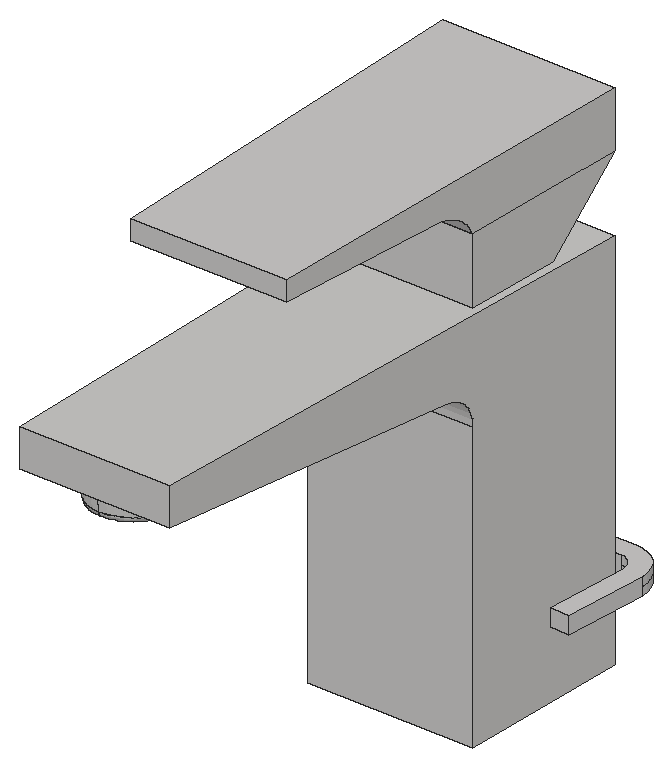
Revit family "SB-2401", category Plumbing Fixtures, Revit 2023
Family settings
  Round Connector Dimension = Use Diameter
  Part Type = Normal
  OmniClass Number = 23.45.00.00
  OmniClass Title = Sanitary, Laundry, and Cleaning Equipment
  Work Plane-Based = No
  Enable Cutting in Views = No
  Always vertical = Yes
  Cut with Voids When Loaded = No
  Maintain Annotation Orientation = No
  Shared = No
  Room Calculation Point = No
Parameters (values of type "2402")
  Default Elevation = 0' - 0"
Types (3): name
  (no name)
  2401
  2402
Reference planes (in)
  plane 1 "Center (Front/Back)": y = 0
  plane 2: z = 0
  plane 3 "Center (Left/Right)": x = 0
  plane 4: x = -0.875
  plane 5: x = 0.875
  plane 6: y = 0.875
  plane 7: y = -0.875
  plane 8: z = 3.125
  plane 9: z = 5.25
  plane 10: z = 4
Forms (in)
  Sweep 1, solid, material "Metal Finish silver"
    path origin (0, 0, 0) x (1, 0, 0) y (0, 1, 0)
      loop
        arc (0, 0.875) -> (0.07211, 1.04909) -> (0.2462, 1.1212) r 0.2462
        line (0.2462, 1.1212) -> (0.80092, 1.1212)
        arc (0.80092, 1.1212) -> (0.97501, 1.04909) -> (1.04712, 0.875) r 0.2462
        line (1.04712, 0.875) -> (0.98719, 0.01794)
    profile origin (0.52356, 1.1212, 0) x (0, 1, 0) y (0, 0, 1)
      loop
        line (0.11308, 0.81195) -> (0.11308, 0.90404) -> (-0.08084, 0.90404) -> (-0.08084, 0.81195) -> (-0.08084, 0.73048) -> (0.11308, 0.73048) -> (0.11308, 0.81195)
  Extrusion 2, solid, material "Metal Finish silver"
    sketch origin (0, 0, 0) x (0, 1, 0) y (0, 0, 1)
      loop
        line (0.875, 0) -> (0.875, 3.904) -> (-4.625, 4) -> (-4.625, 3.62369) -> (-1.22646, 3.26649)
        arc (-1.22646, 3.26649) -> (-0.97794, 3.16355) -> (-0.875, 2.91503) r 0.35146
        line (-0.875, 2.91503) -> (-0.875, 0) -> (0.875, 0)
    from -0.875 to 0.875
  Extrusion 3, void
    sketch origin (0, 0, 0) x (1, 0, 0) y (0, 1, 0)
      loop
        line (-0.875, 0.875) -> (-0.875, -4.625) -> (-0.76166, -4.625) -> (-0.875, 0.875)
      loop
        line (0.875, 0.875) -> (0.76037, -4.6875) -> (0.875, -4.6875) -> (0.875, 0.875)
    from 0 to 4
  Revolve 4, solid, material "Metal Finish silver"
    sketch origin (0, 0, 0) x (0, 1, 0) y (0, 0, 1)
      loop
        arc (0, 4.53823) -> (-0.47104, 4.35395) -> (-0.70321, 3.90458) r 0.71697
        line (-0.70321, 3.90458) -> (0, 3.90458) -> (0, 4.53823)
      axis (0, 3.90458) -> (0, 4.53823)
    angle from 0 to 360
  Extrusion 5, solid, material "Metal Finish silver"
    sketch origin (0, 0, 0) x (0, 1, 0) y (0, 0, 1)
      loop
        line (0.875, 4.67617) -> (0.875, 5.25) -> (-3.1875, 5.25) -> (-3.1875, 5.05413) -> (-1.27482, 4.95389)
        arc (-1.27482, 4.95389) -> (-1.03835, 4.86828) -> (-0.87604, 4.67617) r 0.48734
        line (-0.87604, 4.67617) -> (0.875, 4.67617)
    from -0.875 to 0.875
  Extrusion 6, void
    sketch origin (0, 0, 0) x (1, 0, 0) y (0, 1, 0)
      loop
        line (-0.875, 0.875) -> (-0.875, -3.1875) -> (-0.79128, -3.1875) -> (-0.875, 0.875)
      loop
        line (0.875, 0.875) -> (0.79128, -3.1875) -> (0.875, -3.1875) -> (0.875, 0.875)
    from 4.67617 to 5.36034
  Revolve 7, solid, material "Metal Finish silver"
    sketch origin (0, 0, 0.17576) x (0, 1, 0) y (0, 0, 1)
      loop
        line (-4.60852, 3.62196) -> (-4.57469, 3.30012)
        arc (-4.57469, 3.30012) -> (-4.557, 3.25741) -> (-4.5143, 3.23973) r 0.06039
        line (-4.5143, 3.23973) -> (-4.42874, 3.22309) -> (-4.42874, 3.18897) -> (-4.23192, 3.14353) -> (-4.1863, 3.57758) -> (-4.60852, 3.62196)
      axis (-4.1863, 3.57758) -> (-4.23192, 3.14353)
    angle from 0 to 360
  Blend 8, solid, material "Metal Finish silver"
    base sketch origin (0, 0, 0) x (1, 0, 0) y (0, 1, 0)
      loop
        line (-0.875, 0.875) -> (-0.83894, -0.875) -> (0.83894, -0.875) -> (0.87501, 0.87564) -> (0.84376, 0.87564) -> (0.80833, -0.84375) -> (-0.80833, -0.84375) -> (-0.84374, 0.875) -> (-0.875, 0.875)
    top sketch origin (0, 0, 0) x (1, 0, 0) y (0, 1, 0)
      loop
        line (-0.85911, 0.10386) -> (-0.83894, -0.875) -> (0.83894, -0.875) -> (0.85911, 0.10386) -> (0.82785, 0.10386) -> (0.80833, -0.84375) -> (-0.80833, -0.84375) -> (-0.82785, 0.10386) -> (-0.85911, 0.10386)
    from 4.67617 to 4
Cuts and joins
  Extrusion 3, Extrusion 6 cuts Extrusion 2
  joined: Extrusion 2, Revolve 7
  Extrusion 6 cuts Extrusion 5
Dimensions and locks (in)
  Extrusion 2 sketch curve to Extrusion 2 sketch curve = 0' - 5 1/2"
  plane 5 to plane 4 = 0' - 1 3/4"
  plane 9 to level = 0' - 5 1/4"  (x2)
  plane 8 to level = 0' - 3 1/8"
  plane 10 to level = 0' - 4"  (x2)
  aligned and locked: level to plane 2
